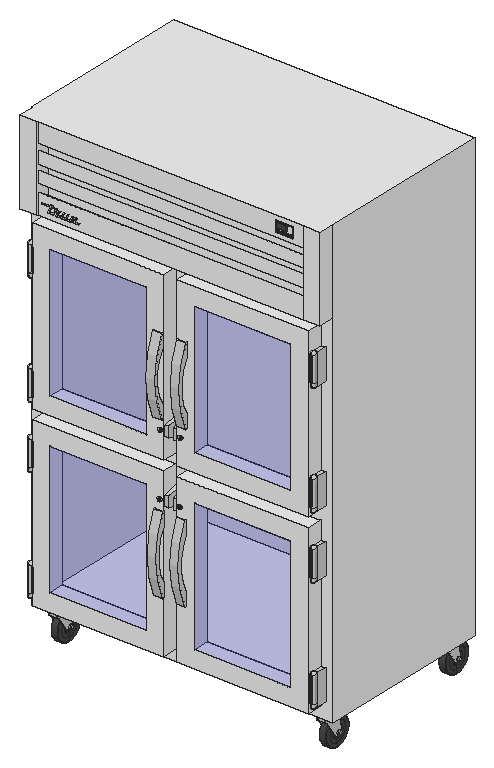
Revit family (continued)
Automatic sketch dimensions
  Extrusion 8 sketch curve to Extrusion 8 sketch curve = 0.08216"
  Extrusion 8 sketch curve to Extrusion 8 sketch curve = 0.16397"
  Extrusion 8 sketch curve to Extrusion 8 sketch curve = 0.12601"
  Extrusion 8 sketch curve to Extrusion 8 sketch curve = 0.1363"
  Extrusion 8 sketch curve to Extrusion 8 sketch curve = 0.02323"
  Extrusion 8 sketch curve to Extrusion 8 sketch curve = 0.03844"
  Extrusion 8 sketch curve to Extrusion 8 sketch curve = 0.0454"
  Extrusion 8 sketch curve to Extrusion 8 sketch curve = 0.05693"
  Extrusion 8 sketch curve to Extrusion 8 sketch curve = 0.0917"
  Extrusion 8 sketch curve to Extrusion 8 sketch curve = 0.01902"
  Extrusion 8 sketch curve to Extrusion 8 sketch curve = 0.02191"
  Extrusion 8 sketch curve to Extrusion 8 sketch curve = 0.0347"
  Extrusion 8 sketch curve to Extrusion 8 sketch curve = 0.06385"
  Extrusion 8 sketch curve to Extrusion 8 sketch curve = 0.02906"
  Extrusion 8 sketch curve to Extrusion 8 sketch curve = 0.02851"
  Extrusion 8 sketch curve to Extrusion 8 sketch curve = 0.29237"
  Extrusion 8 sketch curve to Extrusion 8 sketch curve = 0.00537"
  Extrusion 8 sketch curve to Extrusion 8 sketch curve = 0.0406"
  Extrusion 8 sketch curve to Extrusion 8 sketch curve = 0.04327"
  Extrusion 8 sketch curve to Extrusion 8 sketch curve = 0.02615"
  Extrusion 8 sketch curve to Extrusion 8 sketch curve = 0.11806"
  Extrusion 8 sketch curve to Extrusion 8 sketch curve = 0.15103"
  Extrusion 8 sketch curve to Extrusion 8 sketch curve = 0.10007"
  Extrusion 8 sketch curve to Extrusion 8 sketch curve = 0.5254"
  Extrusion 8 sketch curve to Extrusion 8 sketch curve = 0.14787"
  Extrusion 8 sketch curve to plane 6 "TOP" = 13.64562"
  Extrusion 8 sketch curve to Extrusion 8 sketch curve = 0.07275"
  Extrusion 8 sketch curve to Extrusion 8 sketch curve = 0.05776"
  Extrusion 8 sketch curve to Extrusion 8 sketch curve = 0.08631"
  Extrusion 8 sketch curve to Extrusion 8 sketch curve = 0.09282"
  Extrusion 8 sketch curve to Extrusion 8 sketch curve = 0.13018"
  Extrusion 8 sketch curve to Extrusion 8 sketch curve = 0.16714"
  Extrusion 8 sketch curve to Extrusion 8 sketch curve = 0.11061"
  Extrusion 8 sketch curve to Extrusion 8 sketch curve = 0.06046"
  Extrusion 8 sketch curve to Extrusion 8 sketch curve = 0.16548"
  Extrusion 8 sketch curve to Extrusion 8 sketch curve = 0.14279"
  Extrusion 8 sketch curve to Extrusion 8 sketch curve = 0.0496"
  Extrusion 8 sketch curve to Extrusion 8 sketch curve = 0.07293"
  Extrusion 8 sketch curve to Extrusion 8 sketch curve = 0.07764"
  Extrusion 8 sketch curve to Extrusion 8 sketch curve = 0.03794"
  Extrusion 8 sketch curve to Extrusion 8 sketch curve = 0.08552"
  Extrusion 8 sketch curve to Extrusion 8 sketch curve = 0.09296"
  Extrusion 8 sketch curve to Extrusion 8 sketch curve = 0.09314"
  Extrusion 8 sketch curve to Extrusion 8 sketch curve = 0.02781"
  Extrusion 8 sketch curve to Extrusion 8 sketch curve = 0.04981"
  Extrusion 8 sketch curve to Extrusion 8 sketch curve = 0.09315"
  Extrusion 8 sketch curve to Extrusion 8 sketch curve = 0.04799"
  Extrusion 8 sketch curve to Extrusion 8 sketch curve = 0.02531"
  Extrusion 8 sketch curve to Extrusion 8 sketch curve = 0.03054"
  Extrusion 8 sketch curve to Extrusion 8 sketch curve = 0.2589"
  Extrusion 8 sketch curve to Extrusion 8 sketch curve = 0.0674"
  Extrusion 8 sketch curve to Extrusion 8 sketch curve = 0.0324"
  Extrusion 8 sketch curve to Extrusion 8 sketch curve = 0.26185"
  Extrusion 8 sketch curve to Extrusion 8 sketch curve = 11/256"
  Extrusion 8 sketch curve to Extrusion 8 sketch curve = 0.07366"
  Extrusion 8 sketch curve to Extrusion 8 sketch curve = 0.02187"
  Extrusion 8 sketch curve to Extrusion 8 sketch curve = 0.06479"
  Extrusion 8 sketch curve to Extrusion 8 sketch curve = 0.01183"
  Extrusion 8 sketch curve to Extrusion 8 sketch curve = 0.05778"
  Extrusion 8 sketch curve to Extrusion 8 sketch curve = 0.53375"
  Extrusion 8 sketch curve to Extrusion 8 sketch curve = 0.23098"
  Extrusion 8 sketch curve to Extrusion 8 sketch curve = 0"
  Extrusion 8 sketch curve to Extrusion 8 sketch curve = 0.05045"
  Extrusion 8 sketch curve to Extrusion 8 sketch curve = 0.09139"
  Extrusion 8 sketch curve to Extrusion 8 sketch curve = 29/128"  (x3)
  Extrusion 9 sketch curve to plane 10 = 13/32"
  Extrusion 9 sketch curve to plane 6 "TOP" = 2 1/8"
  plane 5 "FRONT" to Extrusion 10 sketch curve = 0.2"  (x2)
  plane 5 "FRONT" to Extrusion 10 sketch curve = 0"  (x2)
  Extrusion 10 sketch curve to plane 5 "FRONT" = 7.77899"
  Extrusion 10 sketch curve to Extrusion 10 sketch curve = 7.30945"
  Extrusion 10 sketch curve to plane 6 "TOP" = 25.38027"
  Extrusion 10 sketch curve to Extrusion 10 sketch curve = 2.4"
  Extrusion 10 sketch curve to Extrusion 10 sketch curve = 4.4"
  Extrusion 10 sketch curve to Extrusion 10 sketch curve = 0"
  Blend 11 sketch curve to plane 12 = 1 1/8"  (x2)
  Blend 11 sketch curve to plane 12 = 3/8"
  plane 7 to Blend 11 sketch curve = 36.49169"
  Blend 11 sketch curve to Blend 11 sketch curve = 1 3/4"
  Blend 11 sketch curve to plane 12 = 0.19277"
  plane 7 to Blend 11 sketch curve = 35.8941"
  Blend 11 sketch curve to Blend 11 sketch curve = 2.78233"
  Blend 12 sketch curve to plane 8 = 1 9/32"
  Blend 12 sketch curve to plane 8 = 17/32"
  plane 7 to Blend 12 sketch curve = 38.24169"
  Blend 12 sketch curve to Blend 12 sketch curve = 1 3/4"
  plane 8 to Blend 12 sketch curve = 1 9/32"
  plane 8 to Blend 12 sketch curve = 0.34902"
  Blend 12 sketch curve to plane 7 = 35.8941"
  Blend 12 sketch curve to Blend 12 sketch curve = 2.78233"
  Extrusion 13 sketch curve to plane 5 "FRONT" = 1/2"
  Extrusion 13 sketch curve to Extrusion 13 sketch curve = 0.43503"
  Extrusion 13 sketch curve to Extrusion 13 sketch curve = 0.20453"
  Extrusion 13 sketch curve to Extrusion 13 sketch curve = 1.61044"
  Extrusion 13 sketch curve to plane 6 "TOP" = 24.88873"
  Extrusion 13 sketch curve to Extrusion 13 sketch curve = 0.71221"
  Extrusion 13 sketch curve to Extrusion 13 sketch curve = 4.39928"
  Revolve 14 sketch curve to plane 5 "FRONT" = 0.07771"  (x2)
  Revolve 14 sketch curve to Revolve 14 sketch curve = 0.38242"
  Revolve 14 sketch curve to Revolve 14 sketch curve = 0.38436"
  Revolve 14 sketch curve to plane 5 "FRONT" = 31/64"
  Revolve 14 sketch curve to Revolve 14 sketch curve = 0.40666"
  Revolve 14 sketch curve to Revolve 14 sketch curve = 0"
  Revolve 14 sketch curve to plane 6 "TOP" = 25.07719"
  Revolve 14 sketch curve to Revolve 14 sketch curve = 0.32931"
  Revolve 14 sketch curve to Revolve 14 sketch curve = 0.51246"
  Revolve 14 sketch curve to Revolve 14 sketch curve = 0.05342"
  Revolve 14 sketch curve to Revolve 14 sketch curve = 4.42889"
  Revolve 14 sketch curve to Revolve 14 sketch curve = 0.04281"
  Revolve 14 sketch curve to Revolve 14 sketch curve = 0.18929"
  Revolve 14 sketch curve to Revolve 14 sketch curve = 0.55526"
  Extrusion 15 sketch curve to plane 9 = 1.14759"
  Extrusion 15 sketch curve to Extrusion 15 sketch curve = 0.39759"
  Extrusion 15 sketch curve to plane 6 "TOP" = 24.12421"
  Extrusion 15 sketch curve to Extrusion 15 sketch curve = 4.47281"
  Extrusion 16 sketch curve to plane 5 "FRONT" = 1/2"
  Extrusion 16 sketch curve to Extrusion 16 sketch curve = 0.43503"
  Extrusion 16 sketch curve to Extrusion 16 sketch curve = 0.20453"
  Extrusion 16 sketch curve to Extrusion 16 sketch curve = 1.61044"
  plane 7 to Extrusion 16 sketch curve = 33.61127"
  Extrusion 16 sketch curve to Extrusion 16 sketch curve = 0.71221"
  Extrusion 16 sketch curve to Extrusion 16 sketch curve = 4.39928"
  Revolve 17 sketch curve to plane 5 "FRONT" = 0.07771"  (x2)
  Revolve 17 sketch curve to Revolve 17 sketch curve = 0.38242"
  Revolve 17 sketch curve to Revolve 17 sketch curve = 0.38436"
  Revolve 17 sketch curve to plane 5 "FRONT" = 31/64"
  Revolve 17 sketch curve to Revolve 17 sketch curve = 0.40666"
  Revolve 17 sketch curve to Revolve 17 sketch curve = 0"
  plane 7 to Revolve 17 sketch curve = 33.42281"
  Revolve 17 sketch curve to Revolve 17 sketch curve = 0.32931"
  Revolve 17 sketch curve to Revolve 17 sketch curve = 0.51246"
  Revolve 17 sketch curve to Revolve 17 sketch curve = 0.05342"
  Revolve 17 sketch curve to Revolve 17 sketch curve = 4.42889"
  Revolve 17 sketch curve to Revolve 17 sketch curve = 0.04281"
  Revolve 17 sketch curve to Revolve 17 sketch curve = 0.18929"
  Revolve 17 sketch curve to Revolve 17 sketch curve = 0.55526"
  Extrusion 18 sketch curve to plane 9 = 1.14759"
  Extrusion 18 sketch curve to Extrusion 18 sketch curve = 0.39759"
  plane 7 to Extrusion 18 sketch curve = 34.37579"
  Extrusion 18 sketch curve to Extrusion 18 sketch curve = 4.47281"
  Extrusion 19 sketch curve to plane 5 "FRONT" = 1/2"
  Extrusion 19 sketch curve to Extrusion 19 sketch curve = 0.43503"
  Extrusion 19 sketch curve to Extrusion 19 sketch curve = 0.20453"
  Extrusion 19 sketch curve to Extrusion 19 sketch curve = 1.61044"
  plane 7 to Extrusion 19 sketch curve = 22.61127"
  Extrusion 19 sketch curve to Extrusion 19 sketch curve = 0.71221"
  Extrusion 19 sketch curve to Extrusion 19 sketch curve = 4.39928"
  Revolve 20 sketch curve to plane 5 "FRONT" = 0.07771"  (x2)
  Revolve 20 sketch curve to Revolve 20 sketch curve = 0.38242"
  Revolve 20 sketch curve to Revolve 20 sketch curve = 0.38436"
  Revolve 20 sketch curve to plane 5 "FRONT" = 31/64"
  Revolve 20 sketch curve to Revolve 20 sketch curve = 0.40666"
  Revolve 20 sketch curve to Revolve 20 sketch curve = 0"
  plane 7 to Revolve 20 sketch curve = 22.42281"
  Revolve 20 sketch curve to Revolve 20 sketch curve = 0.32931"
  Revolve 20 sketch curve to Revolve 20 sketch curve = 0.51246"
  Revolve 20 sketch curve to Revolve 20 sketch curve = 0.05342"
  Revolve 20 sketch curve to Revolve 20 sketch curve = 4.42889"
  Revolve 20 sketch curve to Revolve 20 sketch curve = 0.04281"
  Revolve 20 sketch curve to Revolve 20 sketch curve = 0.18929"
  Revolve 20 sketch curve to Revolve 20 sketch curve = 0.55526"
  Extrusion 21 sketch curve to plane 9 = 1.14759"
  Extrusion 21 sketch curve to Extrusion 21 sketch curve = 0.39759"
  plane 7 to Extrusion 21 sketch curve = 23.37579"
  Extrusion 21 sketch curve to Extrusion 21 sketch curve = 4.47281"
  Extrusion 22 sketch curve to plane 5 "FRONT" = 1/2"
  Extrusion 22 sketch curve to Extrusion 22 sketch curve = 0.43503"
  Extrusion 22 sketch curve to Extrusion 22 sketch curve = 0.20453"
  Extrusion 22 sketch curve to Extrusion 22 sketch curve = 1.61044"
  plane 7 to Extrusion 22 sketch curve = 2.86127"
  Extrusion 22 sketch curve to Extrusion 22 sketch curve = 0.71221"
  Extrusion 22 sketch curve to Extrusion 22 sketch curve = 4.39928"
  Revolve 23 sketch curve to plane 5 "FRONT" = 0.07771"  (x2)
  Revolve 23 sketch curve to Revolve 23 sketch curve = 0.38242"
  Revolve 23 sketch curve to Revolve 23 sketch curve = 0.38436"
  Revolve 23 sketch curve to plane 5 "FRONT" = 31/64"
  Revolve 23 sketch curve to Revolve 23 sketch curve = 0.40666"
  Revolve 23 sketch curve to Revolve 23 sketch curve = 0"
  plane 7 to Revolve 23 sketch curve = 2.67281"
  Revolve 23 sketch curve to Revolve 23 sketch curve = 0.32931"
  Revolve 23 sketch curve to Revolve 23 sketch curve = 0.51246"
  Revolve 23 sketch curve to Revolve 23 sketch curve = 0.05342"
  Revolve 23 sketch curve to Revolve 23 sketch curve = 4.42889"
  Revolve 23 sketch curve to Revolve 23 sketch curve = 0.04281"
  Revolve 23 sketch curve to Revolve 23 sketch curve = 0.18929"
  Revolve 23 sketch curve to Revolve 23 sketch curve = 0.55526"
  Extrusion 24 sketch curve to plane 9 = 1.14759"
  Extrusion 24 sketch curve to Extrusion 24 sketch curve = 0.39759"
  plane 7 to Extrusion 24 sketch curve = 3.62579"
  Extrusion 24 sketch curve to Extrusion 24 sketch curve = 4.47281"
  Extrusion 25 sketch curve to plane 5 "FRONT" = 1/2"
  Extrusion 25 sketch curve to Extrusion 25 sketch curve = 0.43503"
  Extrusion 25 sketch curve to Extrusion 25 sketch curve = 0.20453"
  Extrusion 25 sketch curve to Extrusion 25 sketch curve = 1.61044"
  Extrusion 25 sketch curve to plane 6 "TOP" = 19.57271"
  Extrusion 25 sketch curve to Extrusion 25 sketch curve = 4.39928"
  Extrusion 25 sketch curve to Extrusion 25 sketch curve = 0.71221"
  Revolve 26 sketch curve to plane 5 "FRONT" = 0.07771"  (x2)
  Revolve 26 sketch curve to Revolve 26 sketch curve = 0.38242"
  Revolve 26 sketch curve to Revolve 26 sketch curve = 0.38436"
  Revolve 26 sketch curve to plane 5 "FRONT" = 31/64"
  Revolve 26 sketch curve to Revolve 26 sketch curve = 0.40666"
  Revolve 26 sketch curve to Revolve 26 sketch curve = 0"
  Revolve 26 sketch curve to plane 6 "TOP" = 18.75492"
  Revolve 26 sketch curve to Revolve 26 sketch curve = 0.55526"
  Revolve 26 sketch curve to Revolve 26 sketch curve = 0.19474"
  Revolve 26 sketch curve to Revolve 26 sketch curve = 0.14649"
  Revolve 26 sketch curve to Revolve 26 sketch curve = 4.42889"
  Revolve 26 sketch curve to Revolve 26 sketch curve = 0.05342"
  Revolve 26 sketch curve to Revolve 26 sketch curve = 0.51246"
  Revolve 26 sketch curve to Revolve 26 sketch curve = 0.05889"
  plane 10 to Extrusion 27 sketch curve = 1.14759"
  Extrusion 27 sketch curve to Extrusion 27 sketch curve = 0.39759"
  Extrusion 27 sketch curve to plane 6 "TOP" = 19.6514"
  Extrusion 27 sketch curve to Extrusion 27 sketch curve = 4.47281"
  Extrusion 28 sketch curve to plane 5 "FRONT" = 1/2"
  Extrusion 28 sketch curve to Extrusion 28 sketch curve = 0.43503"
  Extrusion 28 sketch curve to Extrusion 28 sketch curve = 0.20453"
  Extrusion 28 sketch curve to Extrusion 28 sketch curve = 1.61044"
  plane 7 to Extrusion 28 sketch curve = 38.92729"
  Extrusion 28 sketch curve to Extrusion 28 sketch curve = 4.39928"
  Extrusion 28 sketch curve to Extrusion 28 sketch curve = 0.71221"
  Revolve 29 sketch curve to plane 5 "FRONT" = 0.07771"  (x2)
  Revolve 29 sketch curve to Revolve 29 sketch curve = 0.38242"
  Revolve 29 sketch curve to Revolve 29 sketch curve = 0.38436"
  Revolve 29 sketch curve to plane 5 "FRONT" = 31/64"
  Revolve 29 sketch curve to Revolve 29 sketch curve = 0.40666"
  Revolve 29 sketch curve to Revolve 29 sketch curve = 0"
  Revolve 29 sketch curve to plane 6 "TOP" = 38.25492"
  Revolve 29 sketch curve to Revolve 29 sketch curve = 0.55526"
  Revolve 29 sketch curve to Revolve 29 sketch curve = 0.19474"
  Revolve 29 sketch curve to Revolve 29 sketch curve = 0.14649"
  Revolve 29 sketch curve to Revolve 29 sketch curve = 4.42889"
  Revolve 29 sketch curve to Revolve 29 sketch curve = 0.05342"
  Revolve 29 sketch curve to Revolve 29 sketch curve = 0.51246"
  Revolve 29 sketch curve to Revolve 29 sketch curve = 0.05889"
  plane 10 to Extrusion 30 sketch curve = 1.14759"
  Extrusion 30 sketch curve to Extrusion 30 sketch curve = 0.39759"
  plane 7 to Extrusion 30 sketch curve = 38.8486"
  Extrusion 30 sketch curve to Extrusion 30 sketch curve = 4.47281"
  Extrusion 31 sketch curve to plane 5 "FRONT" = 1/2"
  Extrusion 31 sketch curve to Extrusion 31 sketch curve = 0.43503"
  Extrusion 31 sketch curve to Extrusion 31 sketch curve = 0.20453"
  Extrusion 31 sketch curve to Extrusion 31 sketch curve = 1.61044"
  plane 7 to Extrusion 31 sketch curve = 27.92729"
  Extrusion 31 sketch curve to Extrusion 31 sketch curve = 4.39928"
  Extrusion 31 sketch curve to Extrusion 31 sketch curve = 0.71221"
  Revolve 32 sketch curve to plane 5 "FRONT" = 0.07771"  (x2)
  Revolve 32 sketch curve to Revolve 32 sketch curve = 0.38242"
  Revolve 32 sketch curve to Revolve 32 sketch curve = 0.38436"
  Revolve 32 sketch curve to plane 5 "FRONT" = 31/64"
  Revolve 32 sketch curve to Revolve 32 sketch curve = 0.40666"
  Revolve 32 sketch curve to Revolve 32 sketch curve = 0"
  plane 7 to Revolve 32 sketch curve = 28.74508"
  Revolve 32 sketch curve to Revolve 32 sketch curve = 0.55526"
  Revolve 32 sketch curve to Revolve 32 sketch curve = 0.19474"
  Revolve 32 sketch curve to Revolve 32 sketch curve = 0.14649"
  Revolve 32 sketch curve to Revolve 32 sketch curve = 4.42889"
  Revolve 32 sketch curve to Revolve 32 sketch curve = 0.05342"
  Revolve 32 sketch curve to Revolve 32 sketch curve = 0.51246"
  Revolve 32 sketch curve to Revolve 32 sketch curve = 0.05889"
  plane 10 to Extrusion 33 sketch curve = 1.14759"
  Extrusion 33 sketch curve to Extrusion 33 sketch curve = 0.39759"
  plane 7 to Extrusion 33 sketch curve = 27.8486"
  Extrusion 33 sketch curve to Extrusion 33 sketch curve = 4.47281"
  Extrusion 34 sketch curve to plane 5 "FRONT" = 1/2"
  Extrusion 34 sketch curve to Extrusion 34 sketch curve = 0.43503"
  Extrusion 34 sketch curve to Extrusion 34 sketch curve = 0.20453"
  Extrusion 34 sketch curve to Extrusion 34 sketch curve = 1.61044"
  plane 7 to Extrusion 34 sketch curve = 8.17729"
  plane 7 to Extrusion 34 sketch curve = 3.57348"
  Extrusion 34 sketch curve to Extrusion 34 sketch curve = 0.71221"
  Revolve 35 sketch curve to plane 5 "FRONT" = 0.07771"  (x2)
  Revolve 35 sketch curve to Revolve 35 sketch curve = 0.38242"
  Revolve 35 sketch curve to Revolve 35 sketch curve = 0.38436"
  Revolve 35 sketch curve to plane 5 "FRONT" = 31/64"
  Revolve 35 sketch curve to Revolve 35 sketch curve = 0.40666"
  Revolve 35 sketch curve to Revolve 35 sketch curve = 0"
  plane 7 to Revolve 35 sketch curve = 8.99508"
  Revolve 35 sketch curve to Revolve 35 sketch curve = 0.55526"
  Revolve 35 sketch curve to Revolve 35 sketch curve = 0.19474"
  Revolve 35 sketch curve to Revolve 35 sketch curve = 0.14649"
  plane 7 to Revolve 35 sketch curve = 3.62689"
  Revolve 35 sketch curve to Revolve 35 sketch curve = 0.05342"
  Revolve 35 sketch curve to Revolve 35 sketch curve = 0.51246"
  Revolve 35 sketch curve to Revolve 35 sketch curve = 0.05889"
  plane 10 to Extrusion 36 sketch curve = 1.14759"
  Extrusion 36 sketch curve to Extrusion 36 sketch curve = 0.39759"
  plane 7 to Extrusion 36 sketch curve = 8.0986"
  plane 7 to Extrusion 36 sketch curve = 3.62579"
  Revolve 37 sketch curve to plane 10 = 1.50773"
  Revolve 37 sketch curve to Revolve 37 sketch curve = 0.48273"
  Revolve 37 sketch curve to plane 10 = 5/8"  (x2)
  Revolve 37 sketch curve to Revolve 37 sketch curve = 0.1"  (x2)
  Revolve 37 sketch curve to Revolve 37 sketch curve = 0.16101"
  plane 10 to Revolve 37 sketch curve = 0.12908"
  plane 10 to Revolve 37 sketch curve = 0.46399"
  plane 10 to Revolve 37 sketch curve = 0.525"
  Revolve 37 sketch curve to Revolve 37 sketch curve = 1/2"
  Revolve 37 sketch curve to Revolve 37 sketch curve = 0.16509"
  Revolve 37 sketch curve to Revolve 37 sketch curve = 0.39592"
  level to Revolve 37 sketch curve = 2 1/2"
  Revolve 37 sketch curve to Revolve 37 sketch curve = 0"
  Revolve 37 sketch curve to Revolve 37 sketch curve = 0.29941"  (x2)
  Revolve 37 sketch curve to Revolve 37 sketch curve = 3/4"  (x4)
  Revolve 37 sketch curve to Revolve 37 sketch curve = 0.59652"
  Revolve 37 sketch curve to Revolve 37 sketch curve = 0.60059"
  Extrusion 38 sketch curve to plane 7 = 0.63926"  (x2)
  Extrusion 38 sketch curve to plane 5 "FRONT" = 3.79864"
  Extrusion 38 sketch curve to Extrusion 38 sketch curve = 1/4"  (x2)
  level to Extrusion 38 sketch curve = 2.18736"  (x2)
  Extrusion 38 sketch curve to Extrusion 38 sketch curve = 1.7492"
  Extrusion 38 sketch curve to Extrusion 38 sketch curve = 0.50669"  (x2)
  Extrusion 38 sketch curve to Extrusion 38 sketch curve = 2 1/2"
  level to Extrusion 38 sketch curve = 2.59003"
  Extrusion 38 sketch curve to Extrusion 38 sketch curve = 0.59966"  (x2)
  plane 1 "BACK" to Extrusion 38 sketch curve = 3.8577"
  plane 1 "BACK" to Extrusion 38 sketch curve = 1.8585"
  plane 1 "BACK" to Extrusion 38 sketch curve = 1.1077"
  Extrusion 38 sketch curve to Extrusion 38 sketch curve = 0.32905"
  Extrusion 38 sketch curve to Extrusion 38 sketch curve = 0.60485"  (x2)
  Extrusion 39 sketch curve to plane 7 = 0.63926"  (x2)
  Extrusion 39 sketch curve to plane 5 "FRONT" = 3.79864"
  Extrusion 39 sketch curve to Extrusion 39 sketch curve = 1/4"  (x2)
  level to Extrusion 39 sketch curve = 2.18736"  (x2)
  Extrusion 39 sketch curve to Extrusion 39 sketch curve = 1.7492"
  Extrusion 39 sketch curve to Extrusion 39 sketch curve = 0.50669"  (x2)
  Extrusion 39 sketch curve to Extrusion 39 sketch curve = 2 1/2"
  level to Extrusion 39 sketch curve = 2.59003"
  Extrusion 39 sketch curve to Extrusion 39 sketch curve = 0.59966"  (x2)
  plane 1 "BACK" to Extrusion 39 sketch curve = 3.8577"
  plane 1 "BACK" to Extrusion 39 sketch curve = 1.8585"
  plane 1 "BACK" to Extrusion 39 sketch curve = 1.1077"
  Extrusion 39 sketch curve to Extrusion 39 sketch curve = 0.32905"
  Extrusion 39 sketch curve to Extrusion 39 sketch curve = 0.60485"  (x2)
  Revolve 40 sketch curve to plane 10 = 0"  (x2)
  Revolve 40 sketch curve to plane 7 = 0.62954"
  Revolve 40 sketch curve to plane 10 = 1.29707"
  Revolve 40 sketch curve to Revolve 40 sketch curve = 0.10278"
  Revolve 40 sketch curve to plane 7 = 0.00141"
  plane 7 to Revolve 40 sketch curve = 0.26768"
  Revolve 41 sketch curve to level = 0"
  Revolve 41 sketch curve to plane 10 = 0"  (x2)
  Revolve 41 sketch curve to plane 10 = 1/2"
  Revolve 41 sketch curve to Revolve 41 sketch curve = 1/4"
  Revolve 41 sketch curve to plane 7 = 0"
  Revolve 41 sketch curve to Revolve 41 sketch curve = 1.33338"
  level to Revolve 41 sketch curve = 1"
  Revolve 41 sketch curve to Revolve 41 sketch curve = 5/8"
  plane 7 to Revolve 41 sketch curve = 1 25/32"
  Revolve 42 sketch curve to level = 0"
  Revolve 42 sketch curve to plane 10 = 0"  (x2)
  Revolve 42 sketch curve to plane 10 = 1/2"
  Revolve 42 sketch curve to Revolve 42 sketch curve = 1/4"
  Revolve 42 sketch curve to plane 7 = 0"
  Revolve 42 sketch curve to Revolve 42 sketch curve = 1.33338"
  level to Revolve 42 sketch curve = 1"
  Revolve 42 sketch curve to Revolve 42 sketch curve = 5/8"
  plane 7 to Revolve 42 sketch curve = 1 25/32"
  Revolve 43 sketch curve to plane 10 = 0"  (x2)
  Revolve 43 sketch curve to plane 7 = 0.62954"
  Revolve 43 sketch curve to plane 10 = 1.29707"
  Revolve 43 sketch curve to Revolve 43 sketch curve = 0.10278"
  Revolve 43 sketch curve to plane 7 = 0.00141"
  plane 7 to Revolve 43 sketch curve = 0.26768"
  Extrusion 44 sketch curve to plane 7 = 0.63926"  (x2)
  Extrusion 44 sketch curve to plane 5 "FRONT" = 3.79864"
  Extrusion 44 sketch curve to Extrusion 44 sketch curve = 1/4"  (x2)
  Extrusion 44 sketch curve to Extrusion 44 sketch curve = 2 1/2"
  Extrusion 44 sketch curve to plane 7 = 0.93273"  (x2)
  Extrusion 44 sketch curve to Extrusion 44 sketch curve = 0.03603"
  plane 1 "BACK" to Extrusion 44 sketch curve = 3.8577"
  Extrusion 44 sketch curve to plane 7 = 1.24411"
  plane 1 "BACK" to Extrusion 44 sketch curve = 1.1077"
  Revolve 45 sketch curve to plane 10 = 1.50773"
  Revolve 45 sketch curve to Revolve 45 sketch curve = 0.48273"
  Revolve 45 sketch curve to plane 10 = 5/8"  (x2)
  Revolve 45 sketch curve to Revolve 45 sketch curve = 0.1"  (x2)
  Revolve 45 sketch curve to Revolve 45 sketch curve = 0.16101"
  plane 10 to Revolve 45 sketch curve = 0.12908"
  plane 10 to Revolve 45 sketch curve = 0.46399"
  plane 10 to Revolve 45 sketch curve = 0.525"
  Revolve 45 sketch curve to Revolve 45 sketch curve = 1/2"
  Revolve 45 sketch curve to Revolve 45 sketch curve = 0.16509"
  Revolve 45 sketch curve to Revolve 45 sketch curve = 0.39592"
  level to Revolve 45 sketch curve = 2 1/2"
  Revolve 45 sketch curve to Revolve 45 sketch curve = 0"
  Revolve 45 sketch curve to Revolve 45 sketch curve = 0.29941"  (x2)
  Revolve 45 sketch curve to Revolve 45 sketch curve = 3/4"  (x4)
  Revolve 45 sketch curve to Revolve 45 sketch curve = 0.59652"
  Revolve 45 sketch curve to Revolve 45 sketch curve = 0.60059"
  plane 3 "LEFT" to Revolve 46 sketch curve = 1.33602"
  Revolve 46 sketch curve to Revolve 46 sketch curve = 0.48273"
  Revolve 46 sketch curve to plane 9 = 5/8"  (x2)
  Revolve 46 sketch curve to Revolve 46 sketch curve = 0.1"  (x2)
  Revolve 46 sketch curve to Revolve 46 sketch curve = 0.16101"
  plane 9 to Revolve 46 sketch curve = 0.12908"
  plane 9 to Revolve 46 sketch curve = 0.46399"
  plane 9 to Revolve 46 sketch curve = 0.525"
  Revolve 46 sketch curve to Revolve 46 sketch curve = 1/2"
  Revolve 46 sketch curve to Revolve 46 sketch curve = 0.16509"
  Revolve 46 sketch curve to Revolve 46 sketch curve = 0.39592"
  level to Revolve 46 sketch curve = 2 1/2"
  Revolve 46 sketch curve to Revolve 46 sketch curve = 0"
  Revolve 46 sketch curve to Revolve 46 sketch curve = 0.29941"  (x2)
  Revolve 46 sketch curve to Revolve 46 sketch curve = 3/4"  (x4)
  Revolve 46 sketch curve to Revolve 46 sketch curve = 0.59652"
  Revolve 46 sketch curve to Revolve 46 sketch curve = 0.60059"
  Extrusion 47 sketch curve to plane 7 = 0.63926"  (x2)
  Extrusion 47 sketch curve to plane 5 "FRONT" = 3.79864"
  Extrusion 47 sketch curve to Extrusion 47 sketch curve = 1/4"  (x2)
  level to Extrusion 47 sketch curve = 2.18736"  (x2)
  Extrusion 47 sketch curve to Extrusion 47 sketch curve = 1.7492"
  Extrusion 47 sketch curve to Extrusion 47 sketch curve = 0.50669"  (x2)
  Extrusion 47 sketch curve to Extrusion 47 sketch curve = 2 1/2"
  level to Extrusion 47 sketch curve = 2.59003"
  Extrusion 47 sketch curve to Extrusion 47 sketch curve = 0.59966"  (x2)
  plane 1 "BACK" to Extrusion 47 sketch curve = 3.8577"
  plane 1 "BACK" to Extrusion 47 sketch curve = 1.8585"
  plane 1 "BACK" to Extrusion 47 sketch curve = 1.1077"
  Extrusion 47 sketch curve to Extrusion 47 sketch curve = 0.32905"
  Extrusion 47 sketch curve to Extrusion 47 sketch curve = 0.60485"  (x2)
  Extrusion 48 sketch curve to plane 7 = 0.63926"  (x2)
  Extrusion 48 sketch curve to plane 5 "FRONT" = 3.79864"
  Extrusion 48 sketch curve to Extrusion 48 sketch curve = 1/4"  (x2)
  level to Extrusion 48 sketch curve = 2.18736"  (x2)
  Extrusion 48 sketch curve to Extrusion 48 sketch curve = 1.7492"
  Extrusion 48 sketch curve to Extrusion 48 sketch curve = 0.50669"  (x2)
  Extrusion 48 sketch curve to Extrusion 48 sketch curve = 2 1/2"
  level to Extrusion 48 sketch curve = 2.59003"
  Extrusion 48 sketch curve to Extrusion 48 sketch curve = 0.59966"  (x2)
  plane 1 "BACK" to Extrusion 48 sketch curve = 3.8577"
  plane 1 "BACK" to Extrusion 48 sketch curve = 1.8585"
  plane 1 "BACK" to Extrusion 48 sketch curve = 1.1077"
  Extrusion 48 sketch curve to Extrusion 48 sketch curve = 0.32905"
  Extrusion 48 sketch curve to Extrusion 48 sketch curve = 0.60485"  (x2)
  Revolve 49 sketch curve to plane 9 = 0"  (x2)
  Revolve 49 sketch curve to plane 7 = 0.62954"
  Revolve 49 sketch curve to plane 9 = 1.29707"
  Revolve 49 sketch curve to Revolve 49 sketch curve = 0.10278"
  Revolve 49 sketch curve to plane 7 = 0.00141"
  plane 7 to Revolve 49 sketch curve = 0.26768"
  Revolve 50 sketch curve to level = 0"
  Revolve 50 sketch curve to plane 9 = 0"  (x2)
  Revolve 50 sketch curve to plane 9 = 1/2"
  Revolve 50 sketch curve to Revolve 50 sketch curve = 1/4"
  Revolve 50 sketch curve to plane 7 = 0"
  Revolve 50 sketch curve to plane 9 = 1.33338"
  level to Revolve 50 sketch curve = 1"
  Revolve 50 sketch curve to Revolve 50 sketch curve = 5/8"
  plane 7 to Revolve 50 sketch curve = 1 25/32"
  Revolve 51 sketch curve to level = 0"
  Revolve 51 sketch curve to plane 9 = 0"  (x2)
  Revolve 51 sketch curve to plane 9 = 1/2"
  Revolve 51 sketch curve to Revolve 51 sketch curve = 1/4"
  Revolve 51 sketch curve to plane 7 = 0"
  Revolve 51 sketch curve to plane 9 = 1.33338"
  level to Revolve 51 sketch curve = 1"
  Revolve 51 sketch curve to Revolve 51 sketch curve = 5/8"
  plane 7 to Revolve 51 sketch curve = 1 25/32"
  Revolve 52 sketch curve to plane 9 = 0"  (x2)
  Revolve 52 sketch curve to plane 7 = 0.62954"
  Revolve 52 sketch curve to plane 9 = 1.29707"
  Revolve 52 sketch curve to Revolve 52 sketch curve = 0.10278"
  Revolve 52 sketch curve to plane 7 = 0.00141"
  plane 7 to Revolve 52 sketch curve = 0.26768"
  Extrusion 53 sketch curve to plane 7 = 0.63926"  (x2)
  Extrusion 53 sketch curve to plane 5 "FRONT" = 3.79864"
  Extrusion 53 sketch curve to Extrusion 53 sketch curve = 1/4"  (x2)
  Extrusion 53 sketch curve to Extrusion 53 sketch curve = 2 1/2"
  Extrusion 53 sketch curve to plane 7 = 0.93273"  (x2)
  Extrusion 53 sketch curve to Extrusion 53 sketch curve = 0.03603"
  plane 1 "BACK" to Extrusion 53 sketch curve = 3.8577"
  Extrusion 53 sketch curve to plane 7 = 1.24411"
  plane 1 "BACK" to Extrusion 53 sketch curve = 1.1077"
  plane 3 "LEFT" to Revolve 54 sketch curve = 1.33602"
  Revolve 54 sketch curve to Revolve 54 sketch curve = 0.48273"
  Revolve 54 sketch curve to plane 9 = 5/8"  (x2)
  Revolve 54 sketch curve to Revolve 54 sketch curve = 0.1"  (x2)
  Revolve 54 sketch curve to Revolve 54 sketch curve = 0.16101"
  plane 9 to Revolve 54 sketch curve = 0.12908"
  plane 9 to Revolve 54 sketch curve = 0.46399"
  plane 9 to Revolve 54 sketch curve = 0.525"
  Revolve 54 sketch curve to Revolve 54 sketch curve = 1/2"
  Revolve 54 sketch curve to Revolve 54 sketch curve = 0.16509"
  Revolve 54 sketch curve to Revolve 54 sketch curve = 0.39592"
  level to Revolve 54 sketch curve = 2 1/2"
  Revolve 54 sketch curve to Revolve 54 sketch curve = 0"
  Revolve 54 sketch curve to Revolve 54 sketch curve = 0.29941"  (x2)
  Revolve 54 sketch curve to Revolve 54 sketch curve = 3/4"  (x4)
  Revolve 54 sketch curve to Revolve 54 sketch curve = 0.59652"
  Revolve 54 sketch curve to Revolve 54 sketch curve = 0.60059"
  Extrusion 55 sketch curve to plane 6 "TOP" = 2.55982"
  Extrusion 55 sketch curve to plane 10 = 5.12093"
  Extrusion 55 sketch curve to plane 10 = 2.21468"
  Extrusion 55 sketch curve to plane 6 "TOP" = 13/16"
  Extrusion 56 sketch curve to plane 6 "TOP" = 3/4"
  Extrusion 56 sketch curve to plane 10 = 5.18343"
  Extrusion 56 sketch curve to Extrusion 56 sketch curve = 1/16"  (x4)
  Extrusion 56 sketch curve to Extrusion 56 sketch curve = 0.1375"  (x2)
  Extrusion 56 sketch curve to Extrusion 56 sketch curve = 1/4"  (x4)
  Extrusion 56 sketch curve to Extrusion 56 sketch curve = 0.44601"
  Extrusion 56 sketch curve to Extrusion 56 sketch curve = 1/2"  (x2)
  Extrusion 56 sketch curve to Extrusion 56 sketch curve = 0.0035"
  Extrusion 56 sketch curve to Extrusion 56 sketch curve = 1.06923"
  Extrusion 56 sketch curve to plane 6 "TOP" = 0.95"
  Extrusion 56 sketch curve to Extrusion 56 sketch curve = 1"
  Extrusion 56 sketch curve to Extrusion 56 sketch curve = 0.34106"  (x3)
  Extrusion 56 sketch curve to Extrusion 56 sketch curve = 0"
  Extrusion 56 sketch curve to Extrusion 56 sketch curve = 0.26876"
  Extrusion 58 sketch curve to plane 9 = 0"
  Extrusion 58 sketch curve to plane 5 "FRONT" = 5.09023"
  Extrusion 59 sketch curve to plane 9 = 0"
  plane 1 "BACK" to Extrusion 59 sketch curve = 2.69102"
  Extrusion 60 sketch curve to plane 10 = 0"
  plane 1 "BACK" to Extrusion 60 sketch curve = 2.69102"
  Extrusion 61 sketch curve to plane 10 = 0"
  Extrusion 61 sketch curve to plane 5 "FRONT" = 5.09023"
  plane 5 "FRONT" to Extrusion 62 sketch curve = 0.2"  (x2)
  plane 5 "FRONT" to Extrusion 62 sketch curve = 0"  (x2)
  Extrusion 62 sketch curve to plane 5 "FRONT" = 7.77899"
  Extrusion 62 sketch curve to Extrusion 62 sketch curve = 7.30945"
  Extrusion 62 sketch curve to plane 6 "TOP" = 38.98027"
  Extrusion 62 sketch curve to Extrusion 62 sketch curve = 2.4"
  Extrusion 62 sketch curve to Extrusion 62 sketch curve = 4.4"
  Extrusion 62 sketch curve to Extrusion 62 sketch curve = 0"
  Extrusion 63 sketch curve to plane 12 = 1 213/256"
  Extrusion 63 sketch curve to Extrusion 63 sketch curve = 9/256"
  Extrusion 63 sketch curve to Extrusion 63 sketch curve = 0.0555"  (x2)
  Extrusion 63 sketch curve to plane 8 = 1.6984"
  Extrusion 63 sketch curve to Extrusion 63 sketch curve = 0.02035"
  plane 7 to Extrusion 63 sketch curve = 26.16365"
  Extrusion 63 sketch curve to Extrusion 63 sketch curve = 0"
  Extrusion 63 sketch curve to Extrusion 63 sketch curve = 0.27385"  (x2)
  Extrusion 63 sketch curve to Extrusion 63 sketch curve = 0.29355"  (x2)
  Blend 64 sketch curve to plane 12 = 1 1/8"
  Blend 64 sketch curve to plane 12 = 3/8"
  plane 7 to Blend 64 sketch curve = 25.50831"
  Blend 64 sketch curve to Blend 64 sketch curve = 1 3/4"
  plane 12 to Blend 64 sketch curve = 1 1/8"
  plane 12 to Blend 64 sketch curve = 0.19277"
  Blend 64 sketch curve to plane 7 = 27.8559"
  Blend 64 sketch curve to Blend 64 sketch curve = 2.78233"
  Blend 65 sketch curve to plane 8 = 1 9/32"  (x2)
  Blend 65 sketch curve to plane 8 = 17/32"
  plane 7 to Blend 65 sketch curve = 27.25831"
  Blend 65 sketch curve to Blend 65 sketch curve = 1 3/4"
  Blend 65 sketch curve to plane 8 = 0.34902"
  plane 7 to Blend 65 sketch curve = 27.8559"
  Blend 65 sketch curve to Blend 65 sketch curve = 2.78233"
  plane 5 "FRONT" to Extrusion 66 sketch curve = 0.2"  (x2)
  plane 5 "FRONT" to Extrusion 66 sketch curve = 0"  (x2)
  Extrusion 66 sketch curve to plane 5 "FRONT" = 7.77899"
  Extrusion 66 sketch curve to Extrusion 66 sketch curve = 7.30945"
  plane 7 to Extrusion 66 sketch curve = 24.73027"
  Extrusion 66 sketch curve to Extrusion 66 sketch curve = 2.4"
  Extrusion 66 sketch curve to Extrusion 66 sketch curve = 4.4"
  Extrusion 66 sketch curve to Extrusion 66 sketch curve = 0"
  plane 5 "FRONT" to Extrusion 67 sketch curve = 0.2"  (x2)
  plane 5 "FRONT" to Extrusion 67 sketch curve = 0"  (x2)
  Extrusion 67 sketch curve to plane 5 "FRONT" = 7.77899"
  Extrusion 67 sketch curve to Extrusion 67 sketch curve = 7.30945"
  plane 7 to Extrusion 67 sketch curve = 11.13027"
  Extrusion 67 sketch curve to Extrusion 67 sketch curve = 2.4"
  Extrusion 67 sketch curve to Extrusion 67 sketch curve = 4.4"
  Extrusion 67 sketch curve to Extrusion 67 sketch curve = 0"
  plane 9 to Extrusion 68 sketch curve = 2 1/4"  (x2)
  Extrusion 68 sketch curve to plane 12 = 4 1/64"  (x2)
  Extrusion 68 sketch curve to plane 8 = 4 9/32"  (x2)
  Extrusion 68 sketch curve to plane 10 = 2 13/32"  (x2)
  plane 7 to Extrusion 68 sketch curve = 4 29/32"  (x2)
  Extrusion 68 sketch curve to Extrusion 68 sketch curve = 23 3/32"
  Extrusion 68 sketch curve to Extrusion 68 sketch curve = 0"
  Extrusion 68 sketch curve to Extrusion 68 sketch curve = 7 3/4"  (x2)
  Extrusion 68 sketch curve to plane 6 "TOP" = 19 5/32"  (x2)
  plane 5 "FRONT" to Extrusion 69 sketch curve = 0"  (x2)
  plane 10 to Extrusion 69 sketch curve = 19/32"
  Extrusion 69 sketch curve to plane 8 = 1 9/32"
  Extrusion 69 sketch curve to plane 12 = 1 1/8"
  Extrusion 69 sketch curve to plane 9 = 3/4"
  Extrusion 3 to Extrusion 70 sketch curve = 0"
  Extrusion 70 sketch curve to Extrusion 3 = 1"
  Extrusion 3 to Extrusion 70 sketch curve = 22 1/8"
  Extrusion 70 sketch curve to Extrusion 70 sketch curve = 4 1/32"
  Extrusion 3 sketch curve to Extrusion 3 sketch curve = 1"  (x2)
  Extrusion 3 sketch curve to Extrusion 3 sketch curve = 27 3/32"
  Extrusion 3 sketch curve to Extrusion 3 sketch curve = 3 3/4"
  plane 8 to Extrusion 6 sketch curve = 4 1/64"
  plane 8 to Extrusion 6 sketch curve = 1 1/8"
  plane 5 "FRONT" to Extrusion 57 sketch curve = 0"  (x2)
  plane 10 to Extrusion 57 sketch curve = 19/32"
  Extrusion 57 sketch curve to plane 8 = 1 9/32"
  plane 8 to Extrusion 57 sketch curve = 1 1/8"
  Extrusion 57 sketch curve to plane 9 = 3/4"
  radius of Extrusion 7 sketch curve = 0.35"  (x2)
  radius of Extrusion 9 sketch curve = 1/4"
  radius of Extrusion 58 sketch curve = 1 1/2"
  radius of Extrusion 59 sketch curve = 1 1/2"
  radius of Extrusion 60 sketch curve = 1 1/2"
  radius of Extrusion 61 sketch curve = 1 1/2"
  radius of Extrusion 63 sketch curve = 0.35"  (x2)
Connectors (in)
  electrical at (49.53125, -0.0625, 82), driven by "Volts", driven by "Watts"
    settings: on Extrusion 9, index 1, voltage 208 V, apparent load 3000 VA, apparent load phase1 0 VA, apparent load phase2 0 VA, apparent load phase3 0 VA, power factor 1, load classification "Other", number of poles 1, system type 30, power factor state 1, is connector primary yes, connector utility no, sub classification motor no, connector description "Electrical Connection"
